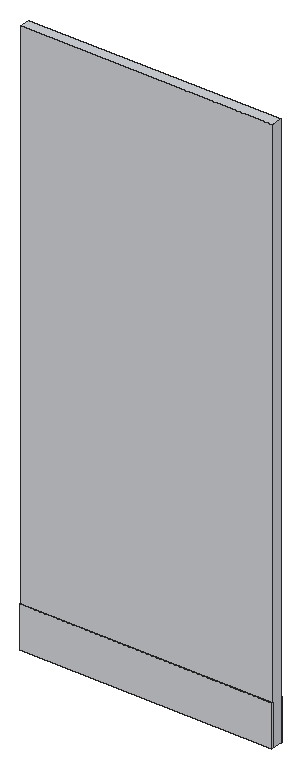
Revit family "BG_DORc_Leaf-Type2", category Doors, Revit 2020
Family settings
  Work Plane-Based = Yes
  Always vertical = No
  Cut with Voids When Loaded = No
  Shared = Yes
  Room Calculation Point = No
Parameters (values of type "Typical")
  Width [instance] = 920 mm
  Undercut [instance] = 0 mm
  Rough Width = 0 mm  # constant formula
  Rough Height = 0 mm  # constant formula
  Protection height int [instance] = 150 mm
  Protection height ext [instance] = 150 mm
  Protection finish int [instance] = none
  Protection finish ext [instance] = none
  Internal finish [instance] = none
  Leaf thickness [instance] = 40 mm
  Height [instance] = 2040 mm
  Handle height [instance] = 1000 mm
  Core finish = none
  External finish [instance] = none
  Default Elevation = 1219.2 mm
Reference planes
  plane 1 "Front": y = 0
  plane 2 "Center (Elevation)": z = 0
  plane 3 "Center (Left/Right)": x = 0
  plane 4: z = 2040
  plane 5: x = -920
  plane 6 "Back": y = -40
  plane 7: z = 1000
Forms (mm)
  Extrusion 1, solid, material <- "Core finish"
    sketch origin (1.5, 0, 0) x (-0.707107, 0.707107, 0) y (-0.707107, -0.707107, 0)
      loop
        line (-27.224, 29.345) -> (1.061, 1.061) -> (651.599, 651.599) -> (623.315, 679.883) -> (-27.224, 29.345)
    from 0 <- "Undercut" to 2040 <- "Height"
Lines and regions (mm)
  symbolic lines, style "InvisibleLines", detail levels coarse
    curve 1: line (0, 0, 0) -> (0, 80, 0)
    curve 2: line (0, 80, 0) -> (24.749, 55.251, 0)
    curve 3: line (0, 80, 0) -> (-24.749, 55.251, 0)
  model lines, style "Elevation Swing"
    curve 4: line (0, 0, 2040) -> (-920, 0, 1000)
    curve 5: line (-920, 0, 1000) -> (0, 0, 0)
    curve 6: line (0, -40, 2040) -> (-920, -40, 1000)
    curve 7: line (-920, -40, 1000) -> (0, -40, 0)
Dimensions and locks
  "Height": plane 4 to level
  "Width": plane 5 to plane 3 "Center (Left/Right)"
  "Leaf thickness": plane 1 "Front" to plane 6 "Back"
  "Handle height": plane 7 to level
  aligned and locked: level to plane 2 "Center (Elevation)"
  aligned and locked: plane 3 "Center (Left/Right)" to Extrusion 1 sketch curve
  aligned and locked: Extrusion 1 sketch curve to plane 1 "Front"
  aligned and locked: plane 6 "Back" to Extrusion 1 sketch curve
  aligned and locked: plane 5 to Extrusion 1 sketch curve
  aligned and locked: nested 1 to plane 5
  aligned and locked: plane 5 to nested 2
Automatic sketch dimensions
  curve 2 to plane 3 "Center (Left/Right)" = 0 mm
  plane 1 "Front" to curve 1 = 0 mm
  curve 3 to plane 1 "Front" = 80 mm
  curve 3 to plane 3 "Center (Left/Right)" = 24.749 mm
  plane 3 "Center (Left/Right)" to curve 2 = 24.749 mm
  curve 2 to curve 1 = 24.749 mm
  curve 5 to plane 5 = 0 mm
  curve 5 to level = 0 mm
  curve 5 to plane 3 "Center (Left/Right)" = 0 mm
  curve 4 to plane 3 "Center (Left/Right)" = 0 mm
  curve 5 to plane 7 = 0 mm
  curve 4 to plane 4 = 0 mm
  curve 7 to level = 0 mm
  curve 7 to plane 3 "Center (Left/Right)" = 0 mm
  curve 6 to plane 3 "Center (Left/Right)" = 0 mm
  curve 6 to plane 5 = 0 mm
  curve 6 to plane 7 = 0 mm
  curve 6 to plane 4 = 0 mm
Nested families
  nested 1: "BG_DORc_Protection-Type1" at (0, 0, 0) x (-1, 0, 0) z (0, 1, 0), Undercut <- "Undercut", Width <- "Width", Height <- "Protection height ext", Protection finish <- "Protection finish ext", type "Typical", detail levels fine
    with Width 920 mm, Undercut 0 mm, Protection on yes, Protection finish none, Height override 150 mm, Height 150 mm
  nested 2: "BG_DORc_Protection-Type1" at (-920, -40, 0) x (1, 0, 0) z (0, -1, 0), Undercut <- "Undercut", Width <- "Width", Height <- "Protection height int", Protection finish <- "Protection finish int", type "Typical", detail levels fine
    with Width 920 mm, Undercut 0 mm, Protection on yes, Protection finish none, Height override 150 mm, Height 150 mm
Definition of nested family "BG_DORc_Protection-Type1"
  Parameters (values of type "Typical")
    Width [instance] = 920 mm
    Undercut [instance] = 25 mm
    Thickness = 2 mm
    Protection on [instance] = Height - Undercut > 2 mm  # yes
    Protection finish [instance] = none
    Height override [instance] = if(Height - Undercut > 2 mm, Height, 2 mm)  # 150 mm
    Height [instance] = 150 mm
    Default Elevation = 1219.2 mm
  Reference planes
    plane 1 "Center (Front/Back)": y = 0
    plane 2: z = 0
    plane 3 "Center (Left/Right)": x = 0
    plane 4: x = 920
    plane 5: y = 150
    plane 6: y = 25
  Forms (mm)
    Extrusion 1, solid
      sketch origin (0, 0, 0) x (1, 0, 0) y (0, 1, 0)
        loop
          line (-1219.2, 1219.2) -> (-1219.2, -1219.2) -> (1219.2, -1219.2) -> (1219.2, 1219.2) -> (-1219.2, 1219.2)
      from 0 to -304.8
    Extrusion 2, solid, material <- "Protection finish", visible <- "Protection on"
      sketch origin (0, 0, 0) x (1, 0, 0) y (0, 1, 0)
        loop
          line (0, 150) -> (0, 25) -> (920, 25) -> (920, 150) -> (0, 150)
      from 0 to 2 <- "Thickness"
  Dimensions and locks
    "Height override": plane 1 "Center (Front/Back)" to plane 5
    "Width": plane 3 "Center (Left/Right)" to plane 4
    "Undercut": plane 1 "Center (Front/Back)" to plane 6
    aligned and locked: plane 2 to Extrusion 1
    aligned and locked: level to Extrusion 1
    aligned and locked: Extrusion 2 sketch curve to plane 3 "Center (Left/Right)"
    aligned and locked: Extrusion 2 sketch curve to plane 5
    aligned and locked: Extrusion 2 sketch curve to plane 4
    aligned and locked: Extrusion 2 sketch curve to plane 6
  Automatic sketch dimensions
    Extrusion 1 sketch curve to Extrusion 1 sketch curve = 2438.4 mm  (x2)
